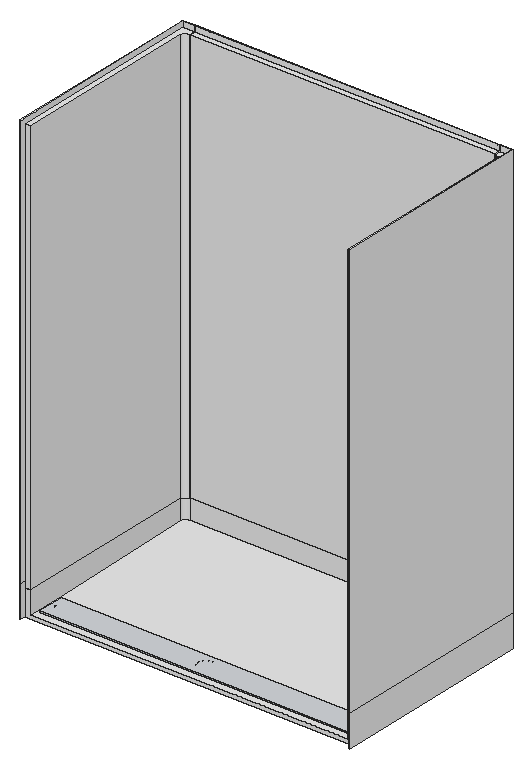
Revit family "5LES26036FB75FTB.V3,FB2FTB.V3", category Plumbing Fixtures, Revit 2019
Family settings
  Round Connector Dimension = Use Diameter
  Part Type = Normal
  OmniClass Number = 23.45.05.14.17
  OmniClass Title = Showers
  Work Plane-Based = No
  Always vertical = Yes
  Cut with Voids When Loaded = No
  Shared = No
  Room Calculation Point = No
Parameters (values of type "5LES26036B75FTB.V3")
  Unit Width = 60"
  Unit Height = 81 1/4"
  Pan Height = 5 3/4"
  Unit Depth = 37"
  URL = "http://www.bestbath.com"
  Type Comments = "Barrier Free"
  Threshold Height = 3/4"
  Model = "5LES26036B75FTB.V3"
  Material [instance] = Best Bath Gelcoat Fiberglass - 8in Tile
  Manufacturer = "Best Bath Systems, Inc."
  Keynote = "22 40 00.B3"
  Description = "8 in Tile, Beveled Threshold"
  Assembly Code = "D2010710"
Types (3): name | Unit Height | Pan Height | Threshold Height | Model
  (no name) | 81 1/4" | 5 3/4" | 3/4" | "5LES26036B75FTB.V3"
  5LES26036B75FTB.V3 | 81 1/4" | 5 3/4" | 3/4" | "5LES26036B75FTB.V3"
  5LES26036B2FTB.V3 | 82 1/2" | 7" | 2" | "5LES26036B2FTB.V3"
Reference planes (in)
  plane 1 "Back": y = 6.43613
  plane 2: z = 0
  plane 3 "Left": x = 0
  plane 4: x = 60
  plane 5: z = 4.75
  plane 6: z = 0.75
  plane 7: z = 5.75
  plane 8: x = 30
  plane 9: y = -30.56387
  plane 10: y = -23.31387
  plane 11: z = 1.5
  plane 12: y = -29.56387
  plane 13: y = -25.81387
  plane 14: z = 0.875
  plane 15: y = -25.81387
  plane 16: z = 81.25
  plane 17: z = 80.25
  plane 18: z = 47
  plane 19: y = -25.81387
Forms (in)
  Extrusion 1, solid, material "Best Bath Gelcoat Fiberglass - Smooth"
    sketch origin (0, 0, 0) x (1, 0, 0) y (0, 1, 0)
      loop
        line (0, 6.43613) -> (0, -30.56387) -> (0.125, -30.56387) -> (0.125, 6.31113) -> (59.875, 6.31113) -> (59.875, -30.56387) -> (60, -30.56387) -> (60, 6.43613) -> (0, 6.43613)
    from 0 to 5.75
  Extrusion 2, solid, material "Best Bath Gelcoat Fiberglass - Smooth"
    sketch origin (0, 0, 0) x (0, 1, 0) y (0, 0, 1)
      loop
        line (-23.31387, 0.75) -> (5.18613, 0.75) -> (5.18613, 1.25) -> (-23.31387, 0.75)
    from 0 to 60
  Extrusion 3, solid, material "Best Bath Gelcoat Fiberglass - Smooth"
    sketch origin (0, 0, 0) x (1, 0, 0) y (0, 1, 0)
      loop
        line (0, 6.43613) -> (0, -29.56387) -> (59.875, -29.56387) -> (59.875, 6.43613) -> (0, 6.43613)
      loop
        circle (30, -25.81387) r 1.5
    from 0 to 0.75
  Extrusion 4, solid, material "Best Bath Gelcoat Fiberglass - Smooth"
    sketch origin (0, 0, 0) x (1, 0, 0) y (0, 1, 0)
      loop
        line (0, 6.43613) -> (0, -29.56387) -> (1.25, -29.56387) -> (1.25, 4.18613)
        arc (1.25, 4.18613) -> (1.54289, 4.89323) -> (2.25, 5.18613) r 1
        line (2.25, 5.18613) -> (57.75, 5.18613)
        arc (57.75, 5.18613) -> (58.45711, 4.89323) -> (58.75, 4.18613) r 1
        line (58.75, 4.18613) -> (58.75, -29.56387) -> (60, -29.56387) -> (60, 6.43613) -> (0, 6.43613)
    from 0 to 4.75
  Extrusion 5, solid
    sketch origin (0, 0, 0) x (1, 0, 0) y (0, 1, 0)
      loop
        line (1.75, -23.31387) -> (1.75, -28.31387) -> (58.25, -28.31387) -> (58.25, -23.31387) -> (1.75, -23.31387)
      loop
        circle (2.62445, -25.81387) r 0.125
      loop
        circle (57.37555, -25.81387) r 0.125
    from 0.40753 to 0.875
  Extrusion 6, solid, material "Best Bath Gelcoat Fiberglass - Smooth"
    sketch origin (0, 0, 0) x (1, 0, 0) y (0, 1, 0)
      loop
        line (1.25, -29.56387) -> (1.25, 4.17034)
        arc (1.25, 4.17034) -> (1.54289, 4.87745) -> (2.25, 5.17034) r 1
        line (2.25, 5.17034) -> (2.25, 6.31113) -> (0.125, 6.31113) -> (0.125, -29.56387) -> (1.25, -29.56387)
      loop
        line (58.75, -29.56387) -> (59.875, -29.56387) -> (59.875, 6.31113) -> (57.75, 6.31113) -> (57.75, 5.17034)
        arc (57.75, 5.17034) -> (58.45711, 4.87745) -> (58.75, 4.17034) r 1
        line (58.75, 4.17034) -> (58.75, -29.56387)
    from 4.75 to 80.25
  Extrusion 7, solid, material "Best Bath Smoothwall"
    sketch origin (-0.02168, 0, 0) x (1, 0, 0) y (0, 1, 0)
      loop
        line (2.25, 5.18613) -> (57.75, 5.18613) -> (57.75, 6.31113) -> (2.25, 6.31113) -> (2.25, 5.18613)
    from 4.75 to 80.25
  Extrusion 8, solid, material "Best Bath Gelcoat Fiberglass - Smooth"
    sketch origin (0, 0, 0) x (1, 0, 0) y (0, 1, 0)
      loop
        line (0, -30.56387) -> (0.125, -30.56387) -> (0.125, 6.31113) -> (2.25, 6.31113) -> (2.25, 6.43613) -> (0, 6.43613) -> (0, -30.56387)
      loop
        line (60, -30.56387) -> (60, 6.43613) -> (57.75, 6.43613) -> (57.75, 6.31113) -> (59.875, 6.31113) -> (59.875, -30.56387) -> (60, -30.56387)
    from 5.75 to 81.25
  Extrusion 9, solid, material "Best Bath Smoothwall"
    sketch origin (-0.02168, 0, 0) x (1, 0, 0) y (0, 1, 0)
      loop
        line (2.25, 6.43613) -> (2.25, 6.31113) -> (57.75, 6.31113) -> (57.75, 6.43613) -> (2.25, 6.43613)
    from 0 to 81.25
Cuts and joins
  joined: Extrusion 1, Extrusion 2, Extrusion 3, Extrusion 4
  joined: Extrusion 6, Extrusion 8
  joined: Extrusion 7, Extrusion 9
Dimensions and locks (in)
  "Unit Width": plane 3 "Left" to plane 4
  "Threshold Height": plane 6 to level
  locked: plane 7 to plane 5 at 1
  "Pan Height": plane 7 to level
  equal spacing: plane 3 "Left", plane 8, plane 4
  "Unit Depth": plane 9 to plane 1 "Back"
  locked: plane 11 to plane 6 at 0.75
  locked: plane 10 to plane 9 at 7.25
  locked: plane 12 to plane 9 at 1
  plane 13 to plane 9 = 4 3/4"
  locked: plane 14 to plane 6 at 0.125
  locked: plane 10 to plane 15 at 2.5
  "Unit Height": plane 16 to level
  locked: plane 16 to plane 17 at 1
  plane 18 to plane 6 = 46 1/4"
  plane 19 to plane 1 "Back" = 32 1/4"
  plane 3 "Left" to plane 4 = 60"
  aligned and locked: level to plane 2
  aligned and locked: Extrusion 2 sketch curve to plane 6
  aligned and locked: plane 6 to Extrusion 3
  aligned and locked: plane 5 to Extrusion 4
  aligned and locked: plane 12 to Extrusion 3 sketch curve
  aligned and locked: plane 12 to Extrusion 4 sketch curve  (x2)
  aligned and locked: plane 7 to Extrusion 1
  aligned and locked: Extrusion 5 sketch curve to plane 10
  aligned and locked: plane 14 to Extrusion 5
  aligned and locked: plane 15 to Extrusion 5 sketch curve
  aligned and locked: Extrusion 6 to cut or joined group of Extrusion 1, Extrusion 2, Extrusion 3, Extrusion 4
  aligned and locked: plane 17 to Extrusion 6
  aligned and locked: plane 17 to Extrusion 7
  aligned and locked: plane 16 to Extrusion 8
  aligned and locked: plane 16 to Extrusion 9
  aligned and locked: Extrusion 7 to plane 5
  aligned and locked: Extrusion 8 to plane 7
Automatic sketch dimensions
  Extrusion 5 sketch curve to plane 15 = 0"
  plane 3 "Left" to Extrusion 5 sketch curve = 1 3/4"
  plane 3 "Left" to Extrusion 5 sketch curve = 2.62445"
  plane 4 to Extrusion 5 sketch curve = 2.62445"
  plane 4 to Extrusion 5 sketch curve = 1 3/4"
  plane 12 to Extrusion 5 sketch curve = 1 1/4"
  Extrusion 1 sketch curve to plane 3 "Left" = 0"
  Extrusion 1 sketch curve to plane 9 = 0"  (x2)
  Extrusion 1 sketch curve to plane 4 = 0"
  plane 1 "Back" to Extrusion 1 sketch curve = 0"
  plane 3 "Left" to Extrusion 1 sketch curve = 1/8"
  plane 4 to Extrusion 1 sketch curve = 1/8"
  plane 1 "Back" to Extrusion 1 sketch curve = 1/8"
  Extrusion 2 sketch curve to plane 10 = 0"
  Extrusion 2 sketch curve to plane 11 = 1/4"
  plane 1 "Back" to Extrusion 2 sketch curve = 1 1/4"
  Extrusion 3 sketch curve to plane 3 "Left" = 0"
  Extrusion 3 sketch curve to plane 8 = 0"
  plane 1 "Back" to Extrusion 3 sketch curve = 0"
  Extrusion 3 sketch curve to plane 13 = 0"
  plane 4 to Extrusion 3 sketch curve = 1/8"
  plane 1 "Back" to Extrusion 4 sketch curve = 0"
  Extrusion 4 sketch curve to plane 3 "Left" = 0"
  Extrusion 4 sketch curve to plane 4 = 0"
  plane 3 "Left" to Extrusion 4 sketch curve = 1 1/4"
  Extrusion 4 sketch curve to Extrusion 4 sketch curve = 1"
  plane 1 "Back" to Extrusion 4 sketch curve = 1 1/4"
  plane 4 to Extrusion 4 sketch curve = 2 1/4"
  Extrusion 4 sketch curve to Extrusion 4 sketch curve = 1 1/4"
  Extrusion 6 sketch curve to plane 12 = 0"  (x2)
  plane 3 "Left" to Extrusion 6 sketch curve = 1/8"
  Extrusion 6 sketch curve to Extrusion 6 sketch curve = 1 1/8"
  Extrusion 6 sketch curve to Extrusion 6 sketch curve = 1"  (x2)
  plane 4 to Extrusion 6 sketch curve = 2 1/4"
  plane 4 to Extrusion 6 sketch curve = 1/8"
  plane 1 "Back" to Extrusion 6 sketch curve = 2.26579"  (x2)
  plane 1 "Back" to Extrusion 6 sketch curve = 1/8"  (x2)
  plane 1 "Back" to Extrusion 7 sketch curve = 1/8"
  plane 3 "Left" to Extrusion 7 sketch curve = 2.22832"
  plane 4 to Extrusion 7 sketch curve = 2.27168"
  Extrusion 7 sketch curve to Extrusion 7 sketch curve = 1 1/8"
  plane 1 "Back" to Extrusion 8 sketch curve = 0"  (x2)
  Extrusion 8 sketch curve to plane 3 "Left" = 0"
  Extrusion 8 sketch curve to plane 9 = 0"  (x2)
  Extrusion 8 sketch curve to plane 4 = 0"
  plane 3 "Left" to Extrusion 8 sketch curve = 1/8"
  Extrusion 8 sketch curve to Extrusion 8 sketch curve = 2 1/8"
  plane 1 "Back" to Extrusion 8 sketch curve = 1/8"  (x2)
  plane 4 to Extrusion 8 sketch curve = 2 1/4"
  plane 4 to Extrusion 8 sketch curve = 1/8"
  plane 1 "Back" to Extrusion 9 sketch curve = 0"
  plane 1 "Back" to Extrusion 9 sketch curve = 1/8"
  plane 3 "Left" to Extrusion 9 sketch curve = 2.22832"
  plane 4 to Extrusion 9 sketch curve = 2.27168"
  radius of Extrusion 5 sketch curve = 1/8"  (x2)
  radius of Extrusion 3 sketch curve = 1 1/2"
